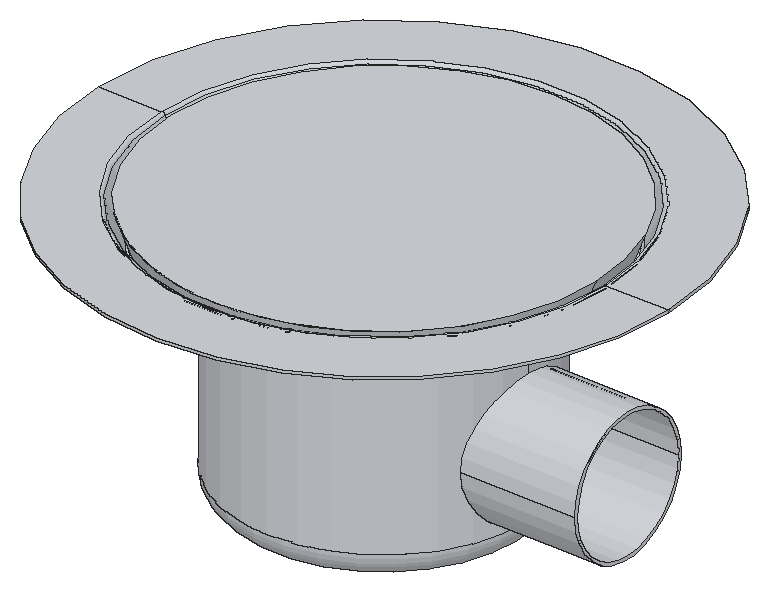
Revit family "S-599_Horizontal", category Aparatos sanitarios, Revit 2015
Parameters (values of type "S-599_Horizontal_Acero inox.")
  WFU = 1
  URL = "http://www.jimten.com/es/producto/332/sumidero-para-suelo-vinilico-salida-horizontal"
  Sello hidráulico = "50 mm"  # constant formula
  Salida = "50M"  # constant formula
  Rejilla = INOX AISI304
  Referencia = "12452"  # constant formula
  Modelo = "S-599"  # constant formula
  Medida = "Ø160 mm"  # constant formula
  Material = ABS (Blanco)
  Fabricante = "Jimten"  # constant formula
  Diámetro = 50 mm  # constant formula
  Descripción = "SUMIDERO PARA SUELOS DE VINILO, SIFON EXTRAIBLE, CON FILTRO DE PELOS, SALIDA HORIZONTAL, CON CAPO INOX, ANTIVANDÁLICO"  # constant formula
  Comentarios de tipo = "CON PRENSATELAS PARA LÁMINAS IMPERMEABILIZANTES DE VINILO. CON TAPA DE PROTECCION DE OBRA"  # constant formula
  Clase carga = "K3"  # constant formula
  Caudal = 0.9 L/s  # constant formula
  Altura total mínima = "100 mm"  # constant formula
Reference planes
  plane 1 "Center (Front/Back)": y = 0
  plane 2: z = 0
  plane 3 "Center (Left/Right)": x = 0
Dimensions and locks
  aligned and locked: level to plane 2
Nested families
  nested 1: "S-599-OutletHorizontal" at (0, 0, 0), type "S-599-OutletHorizontal"
  nested 2: "S-599-Rejilla" at (0, 0, 0), type "S-599-Rejilla"
Connectors
  piping at (92.509, 0, -65), diameter 50, driven by "Diámetro", driven by "WFU", driven by "Caudal"
    settings: on nested 1, index 1, connector inside diameter 609.6 mm, connector length 0 mm, flow factor 0, pipe flow 0.9 L/s, pressure drop 0.0 Pa, fitting loss kfactor 0, connector angle 0.00°, fixture units 1, engagement length 0 mm, angle of deflection 0.00°, flow configuration 0, flow direction 2, fitting loss method 0, system type 16, joint type 0, gender type 0, connector reference index -1, connector utility 0, adjustable connector yes, is connector primary yes, connector description ""
Definition of nested family "S-599-OutletHorizontal"
  Parameters (values of type "S-599-OutletHorizontal")
    MaterialOutlet = none
  Reference planes
    plane 1 "Center (Front/Back)": y = 0
    plane 2: z = 0
    plane 3 "Center (Left/Right)": x = 0
    plane 4: z = -100
    plane 5: z = -113
    plane 6: x = -25
    plane 7: x = 25
    plane 8: z = -65
    plane 9: x = 92.509
  Forms (mm)
    Revolve 1, solid
      sketch origin (0, 0, 0) x (1, 0, 0) y (0, 0, 1)
        loop
          arc (55, -16.606) -> (55.293, -15.899) -> (56, -15.606) r 1
          line (56, -15.606) -> (76.629, -15.606)
          arc (76.629, -15.606) -> (77.434, -15.366) -> (77.976, -14.724) r 1.469
          line (77.976, -14.724) -> (83.69, -1.601)
          arc (83.69, -1.601) -> (84.059, -1.164) -> (84.607, -1) r 1
          line (84.607, -1) -> (108, -1) -> (108, 0) -> (84.31, 0)
          arc (84.31, 0) -> (83.489, -0.245) -> (82.936, -0.899) r 1.5
          line (82.936, -0.899) -> (77.198, -14.007)
          arc (77.198, -14.007) -> (76.829, -14.443) -> (76.282, -14.606) r 1
          line (76.282, -14.606) -> (56, -14.606)
          arc (56, -14.606) -> (54.586, -15.192) -> (54, -16.606) r 2
          line (54, -16.606) -> (54, -90)
          arc (54, -90) -> (51.364, -96.364) -> (45, -99) r 9
          line (45, -99) -> (0, -99) -> (0, -100) -> (45, -100)
          arc (45, -100) -> (52.071, -97.071) -> (55, -90) r 10
          line (55, -90) -> (55, -16.606)
        axis (0, 0) -> (0, -100)
      angle from 0 to 360
    Revolve 2, solid
      sketch origin (-6.158, -0.419, 0) x (1, 0, 0) y (0, 0, 1)
        loop
          line (75.98, -18) -> (75.98, -10.167) -> (73.872, -15.009)
          arc (73.872, -15.009) -> (73.503, -15.446) -> (72.955, -15.609) r 1
          line (72.955, -15.609) -> (61.5, -15.609)
          arc (61.5, -15.609) -> (60.793, -15.902) -> (60.5, -16.609) r 1
          line (60.5, -16.609) -> (60.5, -28) -> (65.98, -28)
          arc (65.98, -28) -> (73.051, -25.071) -> (75.98, -18) r 10
        axis (0, -10.167) -> (0, -28)
      angle from 0 to 7
    Revolve 3, solid
      sketch origin (0.419, -6.158, 0) x (0, 1, 0) y (0, 0, 1)
        loop
          line (75.98, -18) -> (75.98, -10.167) -> (73.872, -15.009)
          arc (73.872, -15.009) -> (73.503, -15.446) -> (72.955, -15.609) r 1
          line (72.955, -15.609) -> (61.5, -15.609)
          arc (61.5, -15.609) -> (60.793, -15.902) -> (60.5, -16.609) r 1
          line (60.5, -16.609) -> (60.5, -28) -> (65.98, -28)
          arc (65.98, -28) -> (73.051, -25.071) -> (75.98, -18) r 10
        axis (0, -10.167) -> (0, -28)
      angle from 0 to 7
    Revolve 4, solid
      sketch origin (6.158, 0.419, 0) x (-1, 0, 0) y (0, 0, 1)
        loop
          line (75.98, -18) -> (75.98, -10.167) -> (73.872, -15.009)
          arc (73.872, -15.009) -> (73.503, -15.446) -> (72.955, -15.609) r 1
          line (72.955, -15.609) -> (61.5, -15.609)
          arc (61.5, -15.609) -> (60.793, -15.902) -> (60.5, -16.609) r 1
          line (60.5, -16.609) -> (60.5, -28) -> (65.98, -28)
          arc (65.98, -28) -> (73.051, -25.071) -> (75.98, -18) r 10
        axis (0, -10.167) -> (0, -28)
      angle from 0 to 7
    Revolve 5, solid
      sketch origin (-0.419, 6.158, 0) x (0, -1, 0) y (0, 0, 1)
        loop
          line (75.98, -18) -> (75.98, -10.167) -> (73.872, -15.009)
          arc (73.872, -15.009) -> (73.503, -15.446) -> (72.955, -15.609) r 1
          line (72.955, -15.609) -> (61.5, -15.609)
          arc (61.5, -15.609) -> (60.793, -15.902) -> (60.5, -16.609) r 1
          line (60.5, -16.609) -> (60.5, -28) -> (65.98, -28)
          arc (65.98, -28) -> (73.051, -25.071) -> (75.98, -18) r 10
        axis (0, -10.167) -> (0, -28)
      angle from 0 to 7
    Extrusion 6, solid
      sketch origin (0, 0, 0) x (0, 1, 0) y (0, 0, 1)
        loop
          circle (0, -65) r 25
        loop
          circle (0, -65) r 24
      from 45.851 to 92.509
  Cuts and joins
    joined: Revolve 1, Extrusion 6
  Dimensions and locks
    level to plane 4 = 100 mm
    plane 7 to plane 6 = 50 mm
    plane 8 to plane 4 = 35 mm  (x2)
    diameter of Extrusion 6 sketch curve = 50 mm
    aligned and locked: level to plane 2
    aligned and locked: plane 8 to Extrusion 6 sketch curve  (x2)
    aligned and locked: plane 9 to Extrusion 6
Definition of nested family "S-599-Rejilla"
  Parameters (values of type "S-599-Rejilla")
    Materia_Rejilla = none
  Reference planes
    plane 1 "Center (Front/Back)": y = 0
    plane 2: z = 0
    plane 3 "Center (Left/Right)": x = 0
    plane 4: z = -15
    plane 5 "DetalleRejilla": z = 1
  Forms (mm)
    Blend 1, solid
      base sketch origin (-125.198, -1524, -15) x (-1, 0, 0) y (0, -1, 0)
        loop
          circle (-125.198, -1524) r 75
      top sketch origin (-125.198, -1524, -15) x (-1, 0, 0) y (0, -1, 0)
        loop
          circle (-125.198, -1524) r 80.5
      from 0 to 15
  Lines and regions (mm)
    model lines, detail levels medium+fine
      curve 1: arc (-73.5, -14.925, 1) -> (0.019, -75, 1) -> (73.508, -14.888, 1) r 75
      curve 2: arc (73.508, 14.888, 1) -> (0.019, 75, 1) -> (-73.5, 14.925, 1) r 75
      curve 3: arc (73.508, 14.888, 1) -> (64.052, 0, 1) -> (73.508, -14.888, 1) r 16.448
      curve 4: arc (-73.5, -14.925, 1) -> (-64.015, 0, 1) -> (-73.5, 14.925, 1) r 16.485
      curve 5: circle (0, 0, 1) r 80.5 normal (0, 0, 1)
  Dimensions and locks
    plane 4 to plane 2 = 15 mm
    plane 5 "DetalleRejilla" to plane 2 = 1 mm
    aligned and locked: level to plane 2
    aligned and locked: level to Blend 1
